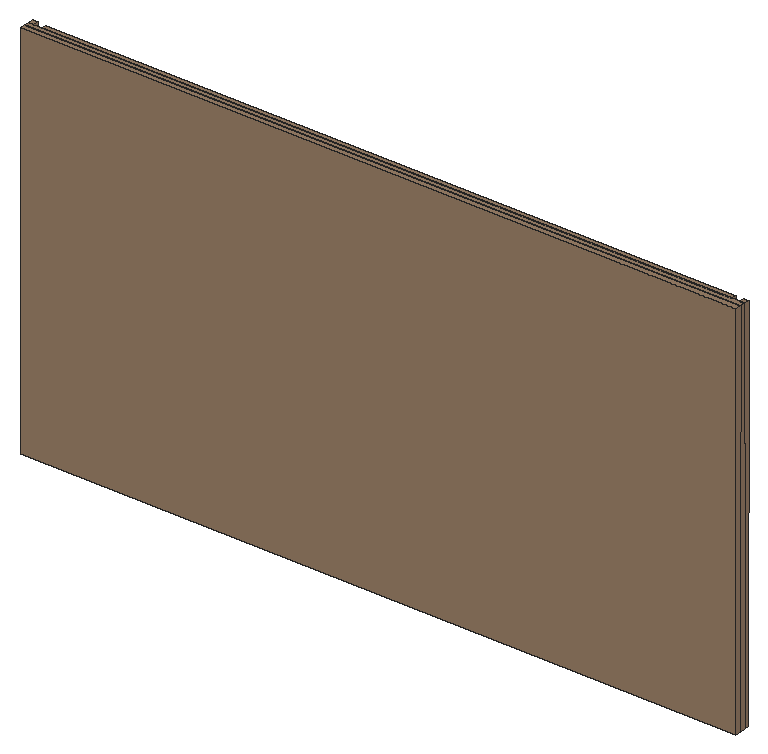
Revit family "Wall_Panel-Teknion-CWPL-Above_Low_Credenza-R2021", category Furniture, Revit 2021
Family settings
  OmniClass Number = 23.40.20.00
  OmniClass Title = General Furniture and Specialties
  Work Plane-Based = No
  Always vertical = Yes
  Cut with Voids When Loaded = No
  Shared = Yes
  Room Calculation Point = No
Parameters (values of type "(3L) 3 High, 48"")
  Width [instance] = 90.000"
  Warranty = "http://www.teknion.com/ca/papers/legal-canada"
  Unit Weight URL = "http://www.teknion.com/ca/tools/assets#&asset=bee6a381-b954-425e-8283-5a2de3a804f2,f828d448-4b62-4231-9e5f-9a8991c0ed77"
  URL = "www.teknion.com"
  To render please download texture images found here [instance] = "https://assets.teknion.com/web/5e81352c1dfdb467/revit-material-swatches/"
  Sustainability Data = "https://www.teknion.com/ca/tools/assets#&topic=216f99a5-57a0-44fc-b10a-9dee9b29ae4c&asset=444deb64-fe58-4b68-981e-f75e97781df7,b4ff2d81-9f2e-437d-9659-7cffb09c31cf"
  Series = "Chronicle"  # constant formula
  Product Page URL = "https://www.teknion.com/ca/products/product-details?productLineId=2302c16f-8e7a-673b-a6c8-ff05004460c4"
  Product Line = "Chronicle"  # constant formula
  Product Documentation Link = "https://www.teknion.com/pricing/chronicle/pdfs/chronicle.pdf"
  Part Number = "CWPL"  # constant formula
  Panel Finishes [instance] = Veneer-Teknion-LX-Natural_Veneer_V3-Sierra_Flat_Cut
  Notes [instance] = "Limitation by Finishes:- [Tackable Panel Fabric - 1H,2H & 3H have 24-108inches Width, 4h has 24-78inches Width], [BP Glass - 1H & 2H have 24-108inches Width, 3H has 24-78inches Width, 4H has 24-48inches Width]"  # constant formula
  Model = "CWPL3LF__"
  Manufacturer Phone = "416-661-3370"  # constant formula
  Manufacturer Fax = "416.661.4586"  # constant formula
  Manufacturer Contact Information = "http://www.teknion.com/ca/contactus"
  Manufacturer Address = "1150 Flint Road, Toronto, ON. M3J 2J5. Canada"  # constant formula
  Manufacturer = "Teknion"  # constant formula
  How To Use Teknion Materials User Guide [instance] = "https://assets.teknion.com/m/205dd0a49fa58060/original/How-to-add-a-Material-Library-and-Texture-Images-to-your-Revit-project.pdf"
  Height = 48.000"
  For Additional Finishes please visit [instance] = "https://assets.teknion.com/m/44a8009b046e5d47/original/Teknion_Materials_Library.zip"
  Description = "Wall Panel, Above Low Credenza, 3 High-48\",Full Height"
  Default Elevation = 0.000"
  Available Width [instance] = "24, 30, 36, 42, 48, 54, 60, 66, 72, 78, 84, 90, 96, 102 and 108 inches"  # constant formula
  Assembly Code = "E2020200"
Types (6): name | Width | Panel Finishes | Model | Height | Description
  (no name) | 90.000" | Veneer-Teknion-LX-Natural_Veneer_V3-Sierra_Flat_Cut | "CWPL3LF__" | 48.000" | "Wall Panel, Above Low Credenza, 3 High-48\",Full Height"
  (1L) 1 High, 19.5" | 30.000" | Veneer - Teknion - MP - Natural Maple | "CWPL1LF__" | 19.500" | "Wall Panel, Above Low Credenza, 1 High-19.5\",Full Height"
  (2L) 2 High, 33.25" | 108.000" | Veneer - Teknion - MP - Natural Maple | "CWPL2LF__" | 33.250" | "Wall Panel, Above Low Credenza, 2 High-33.25\",Full Height"
  (3L) 3 High, 48" | 90.000" | Veneer-Teknion-LX-Natural_Veneer_V3-Sierra_Flat_Cut | "CWPL3LF__" | 48.000" | "Wall Panel, Above Low Credenza, 3 High-48\",Full Height"
  (4L) 4 High, 61.75" | 48.000" | Back-Painted Glass - B6 - Teknion - Burnished Bronze | "CWPL4LF__" | 61.750" | "Wall Panel, Above Low Credenza, 4 High-61.75\",Full Height"
  (3L) 3 High, Reduced Height by 1" | 54.000" | Veneer - Teknion - U1 - Salted Oak | "CWPL3LR__" | 47.000" | "Wall Panel, Above Low Credenza,3 Hight-47\",Reduced Height by 1\""
Reference planes (in)
  plane 1 "Center Front/Back": y = 0
  plane 2: z = 0
  plane 3 "Center Left/Right": x = 0
  plane 4 "Left": x = -45
  plane 5 "Right": x = 45
  plane 6 "Back": y = 0.9375
  plane 7 "Front": y = -1.0625
  plane 8 "Top": z = 63.25
  plane 9: z = 15.25
Forms (in)
  Sweep 1, solid, material "Veneer-Teknion-LX-Natural_Veneer_V3-Sierra_Flat_Cut" <- "Panel Finishes"
    path origin (0, 0, 0) x (0, 1, 0) y (0, 0, 1)
      loop
        line (0.9375, 15.25) -> (0.9375, 63.25)
    profile origin (0, 0.9375, 39.25) x (0, -1, 0) y (1, 0, 0)
      loop
        line (0, 44.375) -> (0.625, 44.375) -> (0.625, 45) -> (0, 45) -> (0, 44.375)
      loop
        line (0.625, -44.375) -> (0, -44.375) -> (0, -45) -> (0.625, -45) -> (0.625, -44.375)
  Sweep 2, solid, material "Veneer-Teknion-LX-Natural_Veneer_V3-Sierra_Flat_Cut" <- "Panel Finishes"
    path origin (0, 0, 0) x (1, 0, 0) y (0, 1, 0)
      loop
        line (-45, 0) -> (45, 0)
    profile origin (0, 0, 0) x (0, 1, 0) y (0, 0, 1)
      loop
        line (-0.3125, 63.25) -> (-0.3125, 15.25) -> (0.3125, 15.25) -> (0.3125, 63.25) -> (-0.3125, 63.25)
  Sweep 3, solid, material "Veneer-Teknion-LX-Natural_Veneer_V3-Sierra_Flat_Cut" <- "Panel Finishes"
    path origin (0, 0, 0) x (0, 1, 0) y (0, 0, 1)
      loop
        line (-1.0625, 63.25) -> (-1.0625, 15.25)
    profile origin (0, -1.0625, 39.25) x (1, 0, 0) y (0, 1, 0)
      loop
        line (-45, 0.75) -> (-45, 0) -> (45, 0) -> (45, 0.75) -> (-45, 0.75)
  Sweep 4, solid, material "Veneer-Teknion-LX-Natural_Veneer_V3-Sierra_Flat_Cut" <- "Panel Finishes"
    path origin (0, 0, 0) x (1, 0, 0) y (0, 1, 0)
      loop
        line (-43.375, 0.9375) -> (43.375, 0.9375)
    profile origin (0, 0.9375, 0) x (0, 1, 0) y (0, 0, 1)
      loop
        line (0, 63.25) -> (-0.625, 63.25) -> (-0.625, 55.25) -> (0, 55.25) -> (0, 63.25)
      loop
        line (0, 15.25) -> (0, 23.25) -> (-0.625, 23.25) -> (-0.625, 15.25) -> (0, 15.25)
Lines and regions (in)
  Masking region 1
    outline origin (0, 0, 0) x (1, 0, 0) y (0, 1, 0)
      loop
        line (-45, -1.0625) -> (45, -1.0625) -> (45, 0.9375) -> (-45, 0.9375) -> (-45, -1.0625)
  symbolic lines
    curve 1: line (45, -0.3125, 0) -> (-45, -0.3125, 0)
    curve 2: line (45, 0.3125, 0) -> (-45, 0.3125, 0)
    curve 3: line (-44.375, 0.3125, 0) -> (-44.375, 0.9375, 0)
    curve 4: line (-43.375, 0.3125, 0) -> (-43.375, 0.9375, 0)
    curve 5: line (44.375, 0.9375, 0) -> (44.375, 0.3125, 0)
    curve 6: line (43.375, 0.3125, 0) -> (43.375, 0.9375, 0)
Dimensions and locks (in)
  "Width": plane 4 "Left" to plane 5 "Right"
  locked: plane 6 "Back" to plane 7 "Front" at 2
  plane 8 "Top" to level = 63.250"
  equal spacing: plane 4 "Left", plane 3 "Center Left/Right", plane 5 "Right"
  locked: plane 9 to plane 2 at 15.25
  locked: plane 4 "Left" to Sweep 1 sketch curve at 0.625
  locked: plane 6 "Back" to Sweep 1 sketch curve at 0.625  (x2)
  locked: Sweep 1 sketch curve to plane 5 "Right" at 0.625
  Sweep 2 sketch curve to plane 1 "Center Front/Back" to Sweep 2 sketch curve = 0.3125" locked, 0.3125" locked
  locked: Sweep 3 sketch curve to plane 1 "Center Front/Back" at 0.3125
  "Height": plane 8 "Top" to plane 9
  locked: Sweep 4 sketch curve to plane 5 "Right" at 1.625
  locked: plane 4 "Left" to Sweep 4 sketch curve at 1.625
  locked: plane 8 "Top" to Sweep 4 sketch curve at 8
  locked: Sweep 4 sketch curve to plane 9 at 8
  Sweep 4 sketch curve to Sweep 4 sketch curve to plane 6 "Back" = 0.000" locked, 0.625" locked
  aligned and locked: level to plane 2
  aligned and locked: plane 6 "Back" to Sweep 1 sketch curve  (x3)
  aligned and locked: plane 9 to Sweep 1 sketch curve
  aligned and locked: plane 8 "Top" to Sweep 1 sketch curve
  aligned and locked: Sweep 1 sketch curve to plane 4 "Left"
  aligned and locked: Sweep 1 sketch curve to plane 5 "Right"
  aligned and locked: plane 1 "Center Front/Back" to Sweep 2 sketch curve
  aligned and locked: plane 5 "Right" to Sweep 2 sketch curve
  aligned and locked: plane 4 "Left" to Sweep 2 sketch curve
  aligned and locked: plane 8 "Top" to Sweep 2 sketch curve
  aligned and locked: Sweep 2 sketch curve to plane 9
  aligned and locked: plane 7 "Front" to Sweep 3 sketch curve
  aligned and locked: plane 8 "Top" to Sweep 3 sketch curve
  aligned and locked: plane 9 to Sweep 3 sketch curve
  aligned and locked: Sweep 3 sketch curve to plane 7 "Front"
  aligned and locked: plane 5 "Right" to Sweep 3 sketch curve
  aligned and locked: Sweep 3 sketch curve to plane 4 "Left"
  aligned and locked: Masking region 1 sketch curve to Sweep 3
  aligned and locked: Masking region 1 sketch curve to plane 4 "Left"
  aligned and locked: Masking region 1 sketch curve to plane 5 "Right"
  aligned and locked: curve 1 to Sweep 3
  aligned and locked: curve 2 to Sweep 2
  aligned and locked: curve 3 to Sweep 1
  aligned and locked: curve 5 to Sweep 1
  aligned and locked: Sweep 4 sketch curve to plane 6 "Back"  (x2)
  aligned and locked: plane 6 "Back" to Sweep 4 sketch curve
  aligned and locked: Sweep 4 sketch curve to plane 9
  aligned and locked: Sweep 4 sketch curve to plane 8 "Top"
  aligned and locked: plane 4 "Left" to nested 1
  aligned and locked: nested 1 to plane 6 "Back"
  aligned and locked: nested 2 to plane 5 "Right"
  aligned and locked: nested 2 to plane 6 "Back"
Automatic sketch dimensions
  curve 1 to plane 4 "Left" = 0.000"
  curve 1 to plane 5 "Right" = 0.000"
  curve 2 to plane 4 "Left" = 0.000"
  curve 2 to plane 5 "Right" = 0.000"
  curve 3 to plane 6 "Back" = 0.000"
  curve 4 to plane 6 "Back" = 0.000"
  curve 5 to plane 6 "Back" = 0.000"
  curve 6 to plane 6 "Back" = 0.000"
  curve 3 to curve 4 = 1.000"
  curve 6 to curve 5 = 1.000"
  Masking region 1 sketch curve to plane 6 "Back" = 0.000"
Nested families (in)
  nested 1: "Teknion_2D_Node_Family-R2021" at (-45, 0.9375, 0), type "Teknion_2D_Node_Family-R2021"
  nested 2: "Teknion_2D_Node_Family-R2021" at (45, 0.9375, 0), type "Teknion_2D_Node_Family-R2021"
Definition of nested family "Teknion_2D_Node_Family-R2021"
  Reference planes (in)
    plane 1 "Center (Front/Back)": y = 0
    plane 2: z = 0
    plane 3 "Center (Left/Right)": x = 0
  Lines and regions (in)
    detail lines, in view "Ref. Level"
      curve 1: circle (0, 0, 0) r 1.25 normal (0, 0, 1)
      curve 2: line (1.91508, -1.91508, 0) -> (-1.91508, 1.91508, 0)
      curve 3: line (-1.91508, -1.91508, 0) -> (1.91508, 1.91508, 0)
